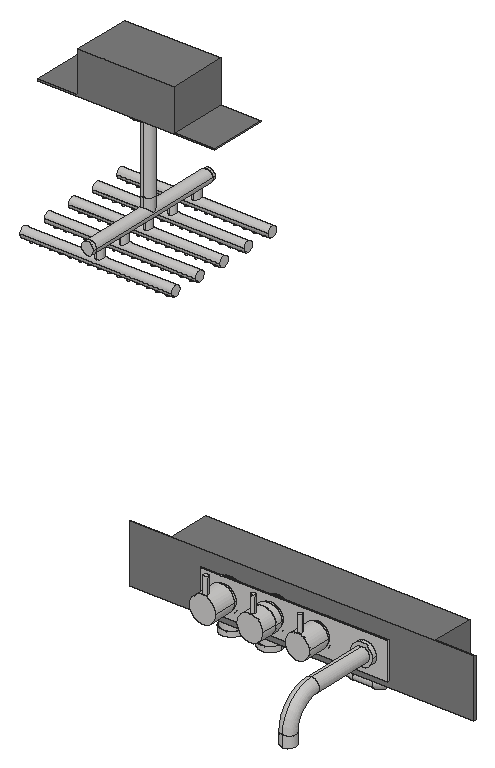
Revit family "5414C-051A", category Plumbing Fixtures, Revit 2021
Family settings
  Round Connector Dimension = Use Diameter
  Part Type = Normal
  Work Plane-Based = No
  Always vertical = Yes
  Cut with Voids When Loaded = No
  Shared = No
  Room Calculation Point = No
Parameters
  e-mail = "info@vola.com"
  URL = "http://vola.com"
  Telephone = "+45 7023 5500"
  Shower Offset = 450.00 mm
  Shower Head Height = 2100.00 mm
  Quality management standard = "ISO 9001"
  Organisation no. / DUNS no. = "17531328"
  Occupational health and safety management standard = "ISO 18001"
  Mounting Instructions = "http://vola.com/service/producturl.ashx?name=5414C-051A"
  Model = "5414C-051A"
  Mixer Offset [instance] = 12.00 mm
  Mixer = yes
  Materials and components information = "http://vola.com/service/producturl.ashx?name=5414C-051A"
  Manufacturer = "VOLA A/S"
  Maintenance Instructions = "http://vola.com/service/producturl.ashx?name=5414C-051A"
  Handle Height = 1100.00 mm
  Guarantee = "2 years"
  Flow = "30,00 l/min"
  Environmental management standard = "ISO 14000"
  Default Elevation = 0.00 mm
  Connection - All relevant connections = "¾\" for water connection"
  Ceiling Mixer Offset = 12.00 mm
  Approvals = "http://vola.com/service/producturl.ashx?name=5414C-051A"
Reference planes
  plane 1 "Center (Front/Back)": y = 0
  plane 2: z = 0
  plane 3 "Center (Left/Right)": x = 0
  plane 4 "Mixer plane": y = 12
  plane 5: z = 1100
  plane 6 "Wall Surface": y = 0
  plane 7: z = 2100
  plane 8: y = -450
  plane 9: z = 2112
Forms (mm)
  Extrusion 1, solid, material "Stainless Steel", visible <- "Mixer"
    sketch origin (-258.89, 9.5, 1100) x (0, 0, -1) y (1, 0, 0)
      loop
        circle (0, 24.89) r 24.89
    from 0 to 9.5
  Extrusion 2, solid, material "Stainless Steel", visible <- "Mixer"
    sketch origin (-180.89, 9.5, 1100) x (0, 0, -1) y (1, 0, 0)
      loop
        circle (0, 24.89) r 24.89
    from 0 to 9.5
  Extrusion 3, solid, material "Stainless Steel", visible <- "Mixer"
    sketch origin (-100, 11.74, 1100) x (0, 0, -1) y (1, 0, 0)
      loop
        circle (0, 22) r 22
    from 0 to 11.74
  Extrusion 4, solid, material "Stainless Steel", visible <- "Mixer"
    sketch origin (-16.5, 11.74, 1100) x (0, 0, -1) y (1, 0, 0)
      loop
        circle (0, 16.5) r 16.5
    from 0 to 11.74
  Extrusion 5, solid, material "Stainless Steel", visible <- "Mixer"
    sketch origin (16.5, -450, 2111.5) x (-1, 0, 0) y (0, -1, 0)
      loop
        circle (16.5, 0) r 16.5
    from 0 to -11.5
Dimensions and locks
  "Mixer Offset": plane 4 "Mixer plane" to plane 1 "Center (Front/Back)"
  "Handle Height": plane 5 to plane 2
  "Shower Offset": plane 8 to plane 1 "Center (Front/Back)"
  "Shower Head Height": plane 7 to level
  "Ceiling Mixer Offset": plane 9 to plane 7
  aligned and locked: plane 2 to level
  aligned and locked: nested 5 to plane 4 "Mixer plane"
  aligned and locked: plane 5 to nested 5
  aligned and locked: nested 4 to plane 5
  aligned and locked: plane 1 "Center (Front/Back)" to Extrusion 4
  aligned and locked: plane 1 "Center (Front/Back)" to Extrusion 3
  aligned and locked: plane 1 "Center (Front/Back)" to Extrusion 2
  aligned and locked: plane 1 "Center (Front/Back)" to Extrusion 1
  aligned and locked: nested 8 to plane 8
  aligned and locked: plane 8 to nested 7
  aligned and locked: plane 7 to nested 7
  aligned and locked: Extrusion 5 to plane 7
Automatic sketch dimensions
  radius of Extrusion 1 sketch curve to nested 5 = 0.00 mm
  radius of Extrusion 2 sketch curve to nested 5 = 0.00 mm
  radius of Extrusion 3 sketch curve to nested 5 = 0.00 mm
  radius of Extrusion 4 sketch curve to nested 5 = 0.00 mm
  radius of Extrusion 5 sketch curve to nested 8 = 0.00 mm
Nested families
  nested 1: "NR52" at (-156, -2, 1100), built-in parameter 1001364 <- "Handle Height", type "NR52"
  nested 2: "NR51" at (-234, -2, 1100), built-in parameter 1001364 <- "Handle Height", type "NR51"
  nested 3: "NR54G" at (-78, -2, 1100), built-in parameter 1001364 <- "Handle Height", type "NR54G"
  nested 4: "5004B" at (-117.936, 0, 1100) x (1, 0, 0) z (0, -1, 0), type "5004B"
  nested 5: "5400N" at (-195, 83.5, 1015), visible <- "Mixer", type "5400N"
  nested 6: "010C" at (0, -2, 1100), built-in parameter 1001364 <- "Handle Height", type "010C"
  nested 7: "050A" at (0, -450, 2100) x (0, 1, 0) z (0, 0, 1), type "050A"
  nested 8: "200M" at (0, -450, 2112), visible <- "Mixer", type "200M"
Connectors
  piping at (-202, 54.5, 1015), diameter 37
    settings: on nested 5, index 1, connector inside diameter 1.45669", connector length 0.00 mm, flow factor 0, pipe flow 0 GPM, pressure drop 0.00 psi, fitting loss kfactor 0, connector angle 0.00°, fixture units 0, engagement length 0.00 mm, angle of deflection 0.00°, flow configuration 0, flow direction 1, fitting loss method 0, system type 20, joint type 0, gender type 0, connector reference index -1, connector utility 0, adjustable connector no, is connector primary yes, connector description ""
  piping at (-266, 54.5, 1015), diameter 37
    settings: on nested 5, index 2, connector inside diameter 1.45669", connector length 0.00 mm, flow factor 0, pipe flow 0 GPM, pressure drop 0.00 psi, fitting loss kfactor 0, connector angle 0.00°, fixture units 0, engagement length 0.00 mm, angle of deflection 0.00°, flow configuration 0, flow direction 1, fitting loss method 0, system type 19, joint type 0, gender type 0, connector reference index -1, connector utility 0, adjustable connector no, is connector primary no, connector description ""
Definition of nested family "NR52"
  Parameters
    e-mail = "info@vola.com"
    URL = "http://vola.com"
    Telephone = "+45 7023 5500"
    Quality management standard = "ISO 9001"
    Organisation no. / DUNS no. = "17531328"
    Occupational health and safety management standard = "ISO 18001"
    Mounting Instructions = "http://vola.com/service/producturl.ashx?name=NR52"
    Model = "NR52"
    Materials and components information = "http://vola.com/service/producturl.ashx?name=NR52"
    Manufacturer = "VOLA A/S"
    Maintenance Instructions = "http://vola.com/service/producturl.ashx?name=NR52"
    Guarantee = "2 years"
    Environmental management standard = "ISO 14000"
    Default Elevation = 0.00 mm
    Connection - All relevant connections = ""
    Approvals = "http://vola.com/service/producturl.ashx?name=NR52"
  Reference planes
    plane 1 "Center (Front/Back)": y = 0
    plane 2: z = 0
    plane 3 "Center (Left/Right)": x = 0
  Forms (mm)
    Extrusion 1, solid
      sketch origin (0, 0, 0) x (1, 0, 0) y (0, 0, 1)
        loop
          circle (0, 0) r 20
      from 0 to 5
    Extrusion 2, solid
      sketch origin (0, 0, 0) x (1, 0, 0) y (0, 0, 1)
        loop
          circle (0, 0) r 21.5
      from 17 to 42.5
    Extrusion 3, solid
      sketch origin (0, -2, 0) x (0, -1, 0) y (1, 0, 0)
        loop
          circle (34.5, 0) r 3.5
      from 0 to 47.5
    Extrusion 4, solid
      sketch origin (0, 10.75, -47.4) x (0, -1, 0) y (1, 0, 0)
        loop
          circle (34.5, 0) r 3.5
      from 22.5 to 47.4
    Extrusion 5, solid
      sketch origin (0, 11.93, 0) x (1, 0, 0) y (0, 0, 1)
        loop
          circle (0, 0) r 21.5
      from 16.93 to 28.93
  Cuts and joins
    joined: Extrusion 2, Extrusion 3, Extrusion 4
  Dimensions and locks
    aligned and locked: plane 2 to level
    aligned and locked: Extrusion 2 to Extrusion 5
    aligned and locked: Extrusion 1 to Extrusion 5
Definition of nested family "NR51"
  Parameters
    e-mail = "info@vola.com"
    URL = "http://vola.com"
    Telephone = "+45 7023 5500"
    Quality management standard = "ISO 9001"
    Organisation no. / DUNS no. = "17531328"
    Occupational health and safety management standard = "ISO 18001"
    Mounting Instructions = "http://vola.com/service/producturl.ashx?name=NR51"
    Model = "NR51"
    Materials and components information = "http://vola.com/service/producturl.ashx?name=NR51"
    Manufacturer = "VOLA A/S"
    Maintenance Instructions = "http://vola.com/service/producturl.ashx?name=NR51"
    Guarantee = "2 years"
    Environmental management standard = "ISO 14000"
    Default Elevation = 0.00 mm
    Connection - All relevant connections = ""
    Approvals = "http://vola.com/service/producturl.ashx?name=NR51"
  Reference planes
    plane 1 "Center (Front/Back)": y = 0
    plane 2: z = 0
    plane 3 "Center (Left/Right)": x = 0
  Forms (mm)
    Extrusion 1, solid
      sketch origin (0, 0, 0) x (1, 0, 0) y (0, 0, 1)
        loop
          circle (0, 0) r 21.5
      from 5 to 42.5
    Extrusion 2, solid
      sketch origin (0, -2, 0) x (0, -1, 0) y (1, 0, 0)
        loop
          circle (34.5, 0) r 3.5
      from 0 to 47.5
    Extrusion 3, solid
      sketch origin (0, 0, 0) x (1, 0, 0) y (0, 0, 1)
        loop
          circle (0, 0) r 20
      from 0 to 5
  Cuts and joins
    joined: Extrusion 1, Extrusion 2
  Dimensions and locks
    aligned and locked: plane 2 to level
Definition of nested family "NR54G"
  Parameters
    e-mail = "info@vola.com"
    URL = "http://vola.com"
    Telephone = "+45 7023 5500"
    Quality management standard = "ISO 9001"
    Organisation no. / DUNS no. = "17531328"
    Occupational health and safety management standard = "ISO 18001"
    Mounting Instructions = "http://vola.com/service/producturl.ashx?name=NR54G"
    Model = "NR54G"
    Materials and components information = "http://vola.com/service/producturl.ashx?name=NR54G"
    Manufacturer = "VOLA A/S"
    Maintenance Instructions = "http://vola.com/service/producturl.ashx?name=NR54G"
    Guarantee = "2 years"
    Environmental management standard = "ISO 14000"
    Default Elevation = 0.00 mm
    Connection - All relevant connections = ""
    Approvals = "http://vola.com/service/producturl.ashx?name=NR54G"
  Reference planes
    plane 1 "Center (Front/Back)": y = 0
    plane 2: z = 0
    plane 3 "Center (Left/Right)": x = 0
  Forms (mm)
    Extrusion 1, solid
      sketch origin (0, -5, 0) x (1, 0, 0) y (0, 0, 1)
        loop
          circle (0, 0) r 20
      from 0 to 37.5
    Extrusion 2, solid
      sketch origin (0, -2, 0) x (0, -1, 0) y (1, 0, 0)
        loop
          circle (34.5, 0) r 3.5
      from 0 to 45.5
    Extrusion 3, solid
      sketch origin (0, 0, 0) x (1, 0, 0) y (0, 0, 1)
        loop
          circle (0, 0) r 18
      from 0 to 5
  Cuts and joins
    joined: Extrusion 1, Extrusion 2
  Dimensions and locks
    aligned and locked: plane 2 to level
Definition of nested family "5004B"
  Parameters
    e-mail = "info@vola.com"
    URL = "http://vola.com"
    Telephone = "+45 7023 5500"
    Quality management standard = "ISO 9001"
    Organisation no. / DUNS no. = "17531328"
    Occupational health and safety management standard = "ISO 18001"
    Mounting Instructions = "http://vola.com/service/producturl.ashx?name=5004B"
    Model = "5004B"
    Materials and components information = "http://vola.com/service/producturl.ashx?name=5004B"
    Manufacturer = "VOLA A/S"
    Maintenance Instructions = "http://vola.com/service/producturl.ashx?name=5004B"
    Guarantee = "2 years"
    Environmental management standard = "ISO 14000"
    Default Elevation = 1219.20 mm
    Connection - All relevant connections = ""
    Approvals = "http://vola.com/service/producturl.ashx?name=5004B"
  Reference planes
    plane 1 "Center (Front/Back)": y = 0
    plane 2: z = 0
    plane 3 "Center (Left/Right)": x = 0
  Forms (mm)
    Extrusion 1, solid
      sketch origin (0, 0, 0) x (1, 0, 0) y (0, 1, 0)
        loop
          line (-154.5, 30) -> (-154.5, -30) -> (154.5, -30) -> (154.5, 30) -> (-154.5, 30)
        loop
          circle (-38.064, 0) r 19.5
        loop
          circle (-116.064, 0) r 19.5
        loop
          circle (117.936, 0) r 16.5
        loop
          circle (39.936, 0) r 19.5
      from 0 to 2
  Dimensions and locks
    aligned and locked: plane 2 to level
Definition of nested family "5400N"
  Parameters
    e-mail = "info@vola.com"
    URL = "http://vola.com"
    Telephone = "+45 7023 5500"
    Quality management standard = "ISO 9001"
    Organisation no. / DUNS no. = "17531328"
    Occupational health and safety management standard = "ISO 18001"
    Mounting Instructions = "http://vola.com/service/producturl.ashx?name=5400N"
    Model = "5400N"
    Materials and components information = "http://vola.com/service/producturl.ashx?name=5400N"
    Manufacturer = "VOLA A/S"
    Maintenance Instructions = "http://vola.com/service/producturl.ashx?name=5400N"
    Guarantee = "2 years"
    Flow = "43,00 l/min"
    Environmental management standard = "ISO 14000"
    Default Elevation = 0.00 mm
    Connection - All relevant connections = ""
    Approvals = "http://vola.com/service/producturl.ashx?name=5400N"
  Reference planes
    plane 1 "Center (Front/Back)": y = 0
    plane 2: z = 0
    plane 3 "Center (Left/Right)": x = 0
    plane 4 "Inlet Center Plane": y = -29
    plane 5: z = 85
  Forms (mm)
    Extrusion 1, solid
      sketch origin (10, 0, 16) x (1, 0, 0) y (0, 1, 0)
        loop
          line (-147.5, 0) -> (-147.5, -69) -> (288.5, -69) -> (288.5, 0) -> (-147.5, 0)
      from 21.5 to 116.5
    Extrusion 2, solid
      sketch origin (10, -1, 16) x (1, 0, 0) y (0, 1, 0)
        loop
          line (-215, -68) -> (-215, -70.5) -> (353.5, -70.5) -> (353.5, -68) -> (-215, -68)
      from 21.5 to 116.5
    Extrusion 3, solid
      sketch origin (-59, -4, 37.5) x (0, 1, 0) y (1, 0, 0)
        loop
          circle (-25, -12) r 16.5
      from 0 to 29.77
    Extrusion 4, solid
      sketch origin (5, -4, 37.5) x (0, 1, 0) y (1, 0, 0)
        loop
          circle (-25, -12) r 16.5
      from 0 to 29.77
    Extrusion 5, solid
      sketch origin (-51.5, -71.5, 16) x (-1, 0, 0) y (0, 0, -1)
        loop
          circle (-12.5, -69) r 24.89
      from 0 to 2.5
    Extrusion 6, solid
      sketch origin (26.5, -71.5, 16) x (-1, 0, 0) y (0, 0, -1)
        loop
          circle (-12.5, -69) r 24.89
      from 0 to 2.5
    Extrusion 7, solid
      sketch origin (65.5, -71.5, 16) x (-1, 0, 0) y (0, 0, -1)
        loop
          circle (-51.5, -69) r 22
      from 0 to 0.26
    Extrusion 8, solid
      sketch origin (-59, -4, 7.73) x (-1, 0, 0) y (0, 1, 0)
        loop
          circle (12, -25) r 18.5
      from 0 to 7.73
    Extrusion 9, solid
      sketch origin (5, -4, 7.73) x (-1, 0, 0) y (0, 1, 0)
        loop
          circle (12, -25) r 18.5
      from 0 to 7.73
    Sweep 10, solid
      path origin (92, -35.26, 1219.2) x (-1, 0, 0) y (0, 0, 1)
        loop
          line (-25, -1181.7) -> (-25, -1186.2)
          arc (-25, -1186.2) -> (-31.59, -1202.11) -> (-47.5, -1208.7) r 22.5
          line (-47.5, -1208.7) -> (-80.5, -1208.7)
          arc (-80.5, -1208.7) -> (-96.41, -1202.11) -> (-103, -1186.2) r 22.5
          line (-103, -1186.2) -> (-103, -1181.7)
      profile origin (117, -35.26, 35.25) x (0, 1, 0) y (-1, 0, 0)
        loop
          circle (0, 0) r 7.5
    Extrusion 11, solid
      sketch origin (143.5, -71.5, 16) x (-1, 0, 0) y (0, 0, -1)
        loop
          circle (-51.5, -69) r 16.5
      from 0 to 0.26
  Cuts and joins
    joined: Extrusion 1, Extrusion 2
  Lines and regions (mm)
    reference lines
      curve 1: line (117, -29, 85) -> (117, -121.5, 85)
      curve 2: line (39, -29, 85) -> (39, -121.5, 85)
      curve 3: line (-39, -29, 85) -> (-39, -121.5, 85)
      curve 4: line (-71, -29, 85) -> (-71, -29, -14)
      curve 5: line (-7, -29, 85) -> (-7, -29, -14)
      curve 6: line (117, -35.26, 182.5) -> (117, -35.26, -12.5)
      curve 7: line (195, -29, 85) -> (195, -121.5, 85)
  Dimensions and locks
    aligned and locked: plane 2 to level
    aligned and locked: Extrusion 1 to Extrusion 2
    aligned and locked: Extrusion 2 to Extrusion 1
Definition of nested family "010C"
  Parameters
    e-mail = "info@vola.com"
    URL = "http://vola.com"
    Telephone = "+45 7023 5500"
    Quality management standard = "ISO 9001"
    Organisation no. / DUNS no. = "17531328"
    Occupational health and safety management standard = "ISO 18001"
    Mounting Instructions = "http://vola.com/service/producturl.ashx?name=010C"
    Model = "010C"
    Materials and components information = "http://vola.com/service/producturl.ashx?name=010C"
    Manufacturer = "VOLA A/S"
    Maintenance Instructions = "http://vola.com/service/producturl.ashx?name=010C"
    Guarantee = "2 years"
    Environmental management standard = "ISO 14000"
    Default Elevation = 0.00 mm
    Connection - All relevant connections = ""
    Approvals = "http://vola.com/service/producturl.ashx?name=010C"
  Reference planes
    plane 1 "Center (Front/Back)": y = 0
    plane 2: z = 0
    plane 3 "Center (Left/Right)": x = 0
  Forms (mm)
    Extrusion 1, solid
      sketch origin (0, 0, 0) x (1, 0, 0) y (0, 0, 1)
        loop
          circle (0, 0) r 18
      from 0 to 7
    Sweep 2, solid
      path origin (0, 10, 0) x (0, 1, 0) y (0, 0, 1)
        loop
          arc (-168.5, -47.5) -> (-154.588, -13.912) -> (-121, 0) r 47.5
          line (-121, 0) -> (-17, 0)
      profile origin (0, -59, 0) x (0, 0, 1) y (1, 0, 0)
        loop
          circle (0, 0) r 12
    Extrusion 3, solid
      sketch origin (0, -158.5, -47.5) x (1, 0, 0) y (0, -1, 0)
        loop
          circle (0, 0) r 12
      from 0 to 18
  Dimensions and locks
    aligned and locked: plane 2 to level
Definition of nested family "050A"
  Parameters
    e-mail = "info@vola.com"
    URL = "http://vola.com"
    Telephone = "+45 7023 5500"
    Quality management standard = "ISO 9001"
    Organisation no. / DUNS no. = "17531328"
    Occupational health and safety management standard = "ISO 18001"
    Mounting Instructions = "http://vola.com/service/producturl.ashx?name=050A"
    Model = "050A"
    Materials and components information = "http://vola.com/service/producturl.ashx?name=050A"
    Manufacturer = "VOLA A/S"
    Maintenance Instructions = "http://vola.com/service/producturl.ashx?name=050A"
    Guarantee = "2 years"
    Flow = "23,00 l/min"
    Environmental management standard = "ISO 14000"
    Default Elevation = 0.00 mm
    Connection - All relevant connections = ""
    Approvals = "http://vola.com/service/producturl.ashx?name=050A"
  Reference planes
    plane 1 "Center (Front/Back)": y = 0
    plane 2: z = 0
    plane 3 "Center (Left/Right)": x = 0
  Forms (mm)
    Extrusion 1, solid
      sketch origin (0, 0, -2) x (1, 0, 0) y (0, 1, 0)
        loop
          circle (0, 0) r 18
      from 0 to -7
    Extrusion 2, solid
      sketch origin (0, 0, -126) x (-1, 0, 0) y (0, 1, 0)
        loop
          circle (0, 0) r 9.5
      from 0 to 25
    Extrusion 3, solid
      sketch origin (0, 0, -9) x (0, 1, 0) y (1, 0, 0)
        loop
          circle (0, 0) r 9.5
      from 0 to 117
    Extrusion 4, solid
      sketch origin (0, 0, -2) x (0, 1, 0) y (0, 0, 1)
        loop
          circle (0, -149) r 10
      from -120 to 120
    Extrusion 5, solid
      sketch origin (120, 0, -2) x (0, 1, 0) y (0, 0, 1)
        loop
          circle (0, -149) r 10
      from 0 to 5
    Extrusion 6, solid
      sketch origin (-120, 0, -2) x (0, -1, 0) y (0, 0, 1)
        loop
          circle (0, -149) r 10
      from 0 to 5
    Extrusion 7, solid
      sketch origin (0, 0, -126) x (-1, 0, 0) y (0, 1, 0)
        loop
          circle (0, 0) r 6
      from 25 to 55
    Extrusion 8, solid
      sketch origin (50, 0, -126) x (-1, 0, 0) y (0, 1, 0)
        loop
          circle (0, 0) r 6
      from 25 to 55
    Extrusion 9, solid
      sketch origin (100, 0, -126) x (-1, 0, 0) y (0, 1, 0)
        loop
          circle (0, 0) r 6
      from 25 to 55
    Extrusion 10, solid
      sketch origin (-50, 0, -126) x (-1, 0, 0) y (0, 1, 0)
        loop
          circle (0, 0) r 6
      from 25 to 55
    Extrusion 11, solid
      sketch origin (-100, 0, -126) x (-1, 0, 0) y (0, 1, 0)
        loop
          circle (0, 0) r 6
      from 25 to 55
    Extrusion 12, solid
      sketch origin (0, 0, -2) x (1, 0, 0) y (0, 0, 1)
        loop
          circle (100, -179) r 8
      from -125 to 125
    Extrusion 13, solid
      sketch origin (-50, 0, -2) x (1, 0, 0) y (0, 0, 1)
        loop
          circle (100, -179) r 8
      from -125 to 125
    Extrusion 14, solid
      sketch origin (-100, 0, -2) x (1, 0, 0) y (0, 0, 1)
        loop
          circle (100, -179) r 8
      from -125 to 125
    Extrusion 15, solid
      sketch origin (-150, 0, -2) x (1, 0, 0) y (0, 0, 1)
        loop
          circle (100, -179) r 8
      from -125 to 125
    Extrusion 16, solid
      sketch origin (-200, 0, -2) x (1, 0, 0) y (0, 0, 1)
        loop
          circle (100, -179) r 8
      from -125 to 125
    Extrusion 17, solid
      sketch origin (0, 0, -126) x (-1, 0, 0) y (0, 1, 0)
        loop
          circle (-100, 0) r 2.5
        loop
          circle (-100, 16) r 2.5
        loop
          circle (-100, 32) r 2.5
        loop
          circle (-100, 48) r 2.5
        loop
          circle (-100, 64) r 2.5
        loop
          circle (-100, 80) r 2.5
        loop
          circle (-100, 96) r 2.5
        loop
          circle (-100, 112) r 2.5
        loop
          circle (-100, -16) r 2.5
        loop
          circle (-100, -32) r 2.5
        loop
          circle (-100, -48) r 2.5
        loop
          circle (-100, -64) r 2.5
        loop
          circle (-100, -80) r 2.5
        loop
          circle (-100, -96) r 2.5
        loop
          circle (-100, -112) r 2.5
      from 62 to 65
    Extrusion 18, solid
      sketch origin (-50, 0, -126) x (-1, 0, 0) y (0, 1, 0)
        loop
          circle (-100, 0) r 2.5
        loop
          circle (-100, 16) r 2.5
        loop
          circle (-100, 32) r 2.5
        loop
          circle (-100, 48) r 2.5
        loop
          circle (-100, 64) r 2.5
        loop
          circle (-100, 80) r 2.5
        loop
          circle (-100, 96) r 2.5
        loop
          circle (-100, 112) r 2.5
        loop
          circle (-100, -16) r 2.5
        loop
          circle (-100, -32) r 2.5
        loop
          circle (-100, -48) r 2.5
        loop
          circle (-100, -64) r 2.5
        loop
          circle (-100, -80) r 2.5
        loop
          circle (-100, -96) r 2.5
        loop
          circle (-100, -112) r 2.5
      from 62 to 65
    Extrusion 19, solid
      sketch origin (-100, 0, -126) x (-1, 0, 0) y (0, 1, 0)
        loop
          circle (-100, 0) r 2.5
        loop
          circle (-100, 16) r 2.5
        loop
          circle (-100, 32) r 2.5
        loop
          circle (-100, 48) r 2.5
        loop
          circle (-100, 64) r 2.5
        loop
          circle (-100, 80) r 2.5
        loop
          circle (-100, 96) r 2.5
        loop
          circle (-100, 112) r 2.5
        loop
          circle (-100, -16) r 2.5
        loop
          circle (-100, -32) r 2.5
        loop
          circle (-100, -48) r 2.5
        loop
          circle (-100, -64) r 2.5
        loop
          circle (-100, -80) r 2.5
        loop
          circle (-100, -96) r 2.5
        loop
          circle (-100, -112) r 2.5
      from 62 to 65
    Extrusion 20, solid
      sketch origin (-150, 0, -126) x (-1, 0, 0) y (0, 1, 0)
        loop
          circle (-100, 0) r 2.5
        loop
          circle (-100, 16) r 2.5
        loop
          circle (-100, 32) r 2.5
        loop
          circle (-100, 48) r 2.5
        loop
          circle (-100, 64) r 2.5
        loop
          circle (-100, 80) r 2.5
        loop
          circle (-100, 96) r 2.5
        loop
          circle (-100, 112) r 2.5
        loop
          circle (-100, -16) r 2.5
        loop
          circle (-100, -32) r 2.5
        loop
          circle (-100, -48) r 2.5
        loop
          circle (-100, -64) r 2.5
        loop
          circle (-100, -80) r 2.5
        loop
          circle (-100, -96) r 2.5
        loop
          circle (-100, -112) r 2.5
      from 62 to 65
    Extrusion 21, solid
      sketch origin (-200, 0, -126) x (-1, 0, 0) y (0, 1, 0)
        loop
          circle (-100, 0) r 2.5
        loop
          circle (-100, 16) r 2.5
        loop
          circle (-100, 32) r 2.5
        loop
          circle (-100, 48) r 2.5
        loop
          circle (-100, 64) r 2.5
        loop
          circle (-100, 80) r 2.5
        loop
          circle (-100, 96) r 2.5
        loop
          circle (-100, 112) r 2.5
        loop
          circle (-100, -16) r 2.5
        loop
          circle (-100, -32) r 2.5
        loop
          circle (-100, -48) r 2.5
        loop
          circle (-100, -64) r 2.5
        loop
          circle (-100, -80) r 2.5
        loop
          circle (-100, -96) r 2.5
        loop
          circle (-100, -112) r 2.5
      from 62 to 65
    Extrusion 22, solid
      sketch origin (0, 0, -2) x (1, 0, 0) y (0, 1, 0)
        loop
          circle (0, 0) r 30
      from 0 to 2
  Cuts and joins
    joined: Extrusion 2, Extrusion 4, Extrusion 7, Extrusion 8, Extrusion 9, Extrusion 10, Extrusion 11, Extrusion 12, Extrusion 13, Extrusion 14, Extrusion 15, Extrusion 16, Extrusion 17, Extrusion 18, Extrusion 19, Extrusion 20, Extrusion 21
  Dimensions and locks
    aligned and locked: plane 2 to level
Definition of nested family "200M"
  Parameters
    e-mail = "info@vola.com"
    URL = "http://vola.com"
    Telephone = "+45 7023 5500"
    Quality management standard = "ISO 9001"
    Organisation no. / DUNS no. = "17531328"
    Occupational health and safety management standard = "ISO 18001"
    Mounting Instructions = "http://vola.com/service/producturl.ashx?name=200M"
    Model = "200M"
    Materials and components information = "http://vola.com/service/producturl.ashx?name=200M"
    Manufacturer = "VOLA A/S"
    Maintenance Instructions = "http://vola.com/service/producturl.ashx?name=200M"
    Guarantee = "2 years"
    Environmental management standard = "ISO 14000"
    Default Elevation = 1219.20 mm
    Connection - All relevant connections = ""
    Approvals = "http://vola.com/service/producturl.ashx?name=200M"
  Reference planes
    plane 1 "Center (Front/Back)": y = 0
    plane 2: z = 0
    plane 3 "Center (Left/Right)": x = 0
  Forms (mm)
    Extrusion 1, solid
      sketch origin (0, 69, 70.5) x (1, 0, 0) y (0, 0, 1)
        loop
          line (-77.5, 1) -> (-77.5, -68) -> (82.5, -68) -> (82.5, 1) -> (-77.5, 1)
      from 21.5 to 116.5
    Extrusion 2, solid
      sketch origin (0, 69, 70.5) x (1, 0, 0) y (0, 0, 1)
        loop
          line (-145, -68) -> (-145, -70.5) -> (147.5, -70.5) -> (147.5, -68) -> (-145, -68)
      from 21.5 to 116.5
    Extrusion 3, solid
      sketch origin (1071.5, 69, 68) x (0, 1, 0) y (1, 0, 0)
        loop
          circle (-69, -1071.5) r 16.5
      from 68 to 68.5
  Cuts and joins
    joined: Extrusion 1, Extrusion 2
  Lines and regions (mm)
    reference lines
      curve 1: line (0, 0, -0.5) -> (0, 0, -20.5)
      curve 2: line (0, 0, 27.5) -> (0, -99, 27.5)
      curve 3: line (0, 0, 38) -> (0, 99, 38)
  Dimensions and locks
    aligned and locked: plane 2 to level
    aligned and locked: Extrusion 2 to Extrusion 1  (x2)
